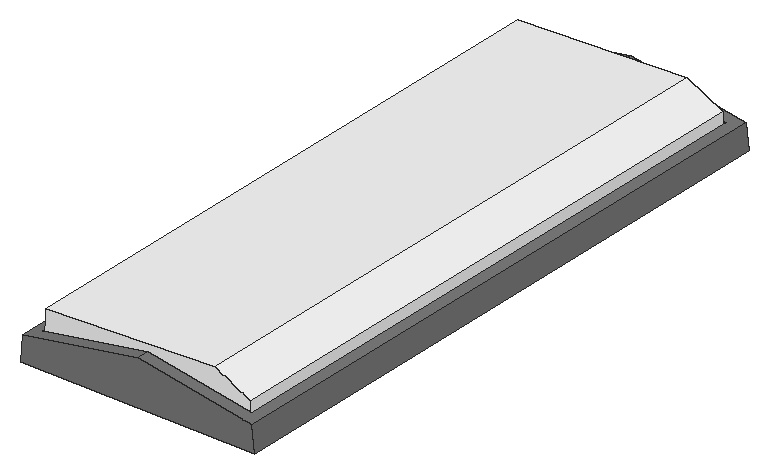
Revit family "JC KONTAKTER JCK103 DE", category Specialty Equipment, host Face, Revit 2025
Family settings
  Host = Face
  Round Connector Dimension = Use Diameter
  Part Type = Normal
  Enable Cutting in Views = Yes
  Cut with Voids When Loaded = No
  Maintain Annotation Orientation = Yes
  Shared = No
  Room Calculation Point = No
Parameters (values of type "JCK103")
  URL = "https://grossflaechentaster.de/produkt/grossflachentaster-kunststoff/grosflachentaster-jck103/"
  Technisches Produktblatt = "https://grossflaechentaster.de/wp-content/uploads/sites/3/Technisches-Produktdatenblatt_103_DE.pdf"
  Produktgewicht = "0.216 kg."
  Nomineller nennstrom = "12 V - Resistive 6A Inductive L/R 5ms 6A, 24 V - Resistive 6A Inductive L/R 5ms 5A"
  Model = "JCK103"
  Mikroschalter = "Standard NO IP67"
  Manufacturer = "JC kontakter"
  Kern = ABS 750SW (Dunkelgrau)
  Herstellungsland = "Schweden"
  Geringster nennstrom = "1mA/4 V DC"
  Description = "Dieser Ellenbogentaster ist aus schlagfestem ABS-Kunststoff hergestellt und hat eine flache Tastfläche. Dieses Modell bietet durch die weiße Tastfläche und den dunkelgrauen Rahmen einen starken Farbkontrast. Vor allem für den Einsatz in Innenbereichen konzipiert, kann aber auch im Freien eingesetzt werden, da er mit einem feuchtigkeitsgeschützten Mikroschalter der IP-Klasse 67 ausgerüstet ist."
  Default Elevation = 800 mm
  Deckel = ABS 750SW (weiss)
  CE-kennzeichnung = "https://jckontakter.se/wp-content/uploads/CE_Dokument.pdf"
  Anzahl der mikroschalter = 1
Reference planes
  plane 1 "Center (Front/Back)": y = 0
  plane 2: z = 0
  plane 3 "Center (Left/Right)": x = 0
  plane 4 "A": y = -122.5
Lines and regions (mm)
  symbolic lines
    curve 1: line (-50, 0, 50) -> (50, 0, 50)
    curve 2: line (-50, 0, 0) -> (-50, 0, 50)
    curve 3: line (50, 0, 0) -> (-50, 0, 0)
    curve 4: line (50, 0, 50) -> (50, 0, 0)
    curve 5: line (-40, 122.5, 0) -> (40, 122.5, 0)
    curve 6: line (-40, -122.5, 0) -> (-40, 122.5, 0)
    curve 7: line (40, -122.5, 0) -> (-40, -122.5, 0)
    curve 8: line (40, 122.5, 0) -> (40, -122.5, 0)
Text (mm)
  text "Entfernen Sie diesen Text vor der Verwendung.\n\nPlatzierungsanweisungen:\n\n1. In das Projekt laden.\n2. Bewegen Sie den Mauszeiger über die Fläche, auf der die Familie platziert werden soll.\n3. Wenn die Familie gedreht angezeigt wird, aktivieren Sie die Option „Nach Platzierung drehen.\n4. Klicken Sie auf die gewünschte Fläche.\n5. Geben Sie den gewünschten Winkel ein.\n6. Drücken Sie die Eingabetaste." at (123.173, 1072.34, 0), in view "Ref. Level"
Dimensions and locks
  aligned and locked: plane 2 to host face
  aligned and locked: level to host face
Nested families
  nested 1: "AK_103" at (0, -122.5, 0) x (1, 0, 0) z (0, 1, 0), type "AK_103"
Definition of nested family "AK_103"
  Parameters (values of type "AK_103")
    URL = "https://jckontakter.se/produkt/armbagskontakter-plast/armbagskontakt-jck103/"
    Model = "JCK103"  # constant formula
    Manufacturer = "JC Kontakter"  # constant formula
    Lid Finish = none
    Default Elevation = 1219.2 mm
    Core Finish = none
    Description = "JCK103 är en robust armbågskontakt i tålig ABS-plast. Modell med vitt lock och en kontrasterande mörkgrå underdel.\r\nJCK103 levereras med 1st mikrobrytare i IP67, men går även att beställa med fler."  # constant formula
  Reference planes
    plane 1 "Center (Front/Back)": y = 0
    plane 2: z = 0
    plane 3 "Center (Left/Right)": x = 0
    plane 4 "1": x = 47.5
    plane 5 "A": z = 5
    plane 6 "B": z = 245
  Forms (mm)
    Extrusion 1, solid, material <- "Core Finish", detail levels medium+fine
      sketch origin (0, 0, 0) x (1, 0, 0) y (0, 1, 0)
        loop
          line (-47.5, 0) -> (-46.5, -10) -> (0, -18) -> (46.5, -10) -> (47.5, 0) -> (-47.5, 0)
      from 0 to 250
    Extrusion 2, void
      sketch origin (0, 0, 0) x (1, 0, 0) y (0, 1, 0)
        loop
          line (-42.5, -4) -> (-42.5, -18.223) -> (42.5, -18.223) -> (42.5, -4) -> (-42.5, -4)
      from 5 to 245
    Extrusion 3, solid, material <- "Lid Finish", detail levels medium+fine
      sketch origin (0, 0, 5) x (-1, 0, 0) y (0, -1, 0)
        loop
          line (-42, 6) -> (42, 6) -> (41.473, 18.808) -> (-26.802, 21.808) -> (-41.637, 14.808) -> (-42, 6)
      from 0.5 to 239.5
  Cuts and joins
    Extrusion 2 cuts Extrusion 1
  Dimensions and locks
    aligned and locked: level to plane 2
